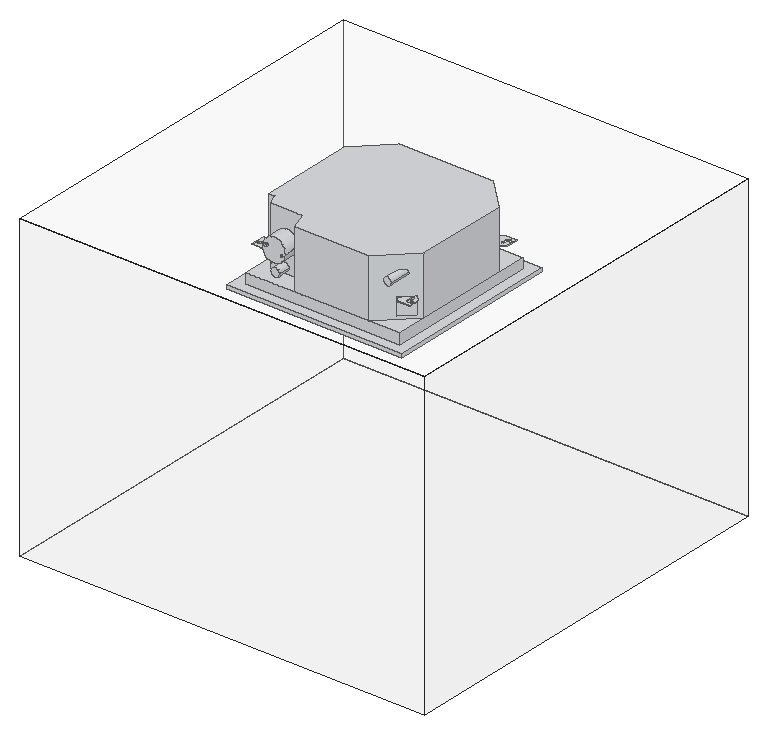
Revit family "pl-rp28_80ga5_60hz", category 機械設備, Revit 2019
Family settings
  丸型コネクタ寸法 = 直径を使用
  パーツ タイプ = 標準
  OmniClass 番号 = 23.75.10.24.21.27.27
  OmniClass タイトル = Split System Air Conditioning Units
  作業面ベース = いいえ
  常に垂直 = はい
  ロード時にボイドで切り取り = いいえ
  共有 = いいえ
  部屋計算ポイント = はい
Parameters (values of type "天井4方向_PL-RP28GA5")
  風量_静 (㎥/min) = 6.3
  風量_強 (㎥/min) = 8.7
  風量_弱 (㎥/min) = 7.1
  風量_中 (㎥/min) = 7.8
  風量 = MAX風量  # 522.0 m³/h
  音響パワーレベル(dB) = [音響パワーレベル_強 (dB)]  # 50
  音響パワーレベル_静 (dB) = 47
  音響パワーレベル_強 (dB) = 50
  音響パワーレベル_弱 (dB) = 48
  音響パワーレベル_中 (dB) = 49
  電源種別 = ""
  電源_H = 0 mm
  電圧 = 0 V
  電動機出力_送風機 = 0.05 kW
  運転質量 = 0.00 kg
  連動 = ""
  質量 = if(製品質量 > 運転質量, 製品質量, 運転質量) * 1.2  # 24.72 kg
  負荷分類 = 3_ファン類
  製品質量_本体 = 17.00 kg
  製品質量_パネル = 3.60 kg
  構成品番 = "PL-RP28GA5"
  ドレン管径 (外径) = 32 mm
  ドレン管径 = 25 mm
  サービススペース = yes
  【値が 0 の項目は組合せ形名にてご確認ください】 = ""
  URL = "https://www.mitsubishielectric.co.jp/ldg/wink/ssl/top.do\"\""
  説明 = "店舗・事務所用パッケージエアコン(Mr.SLIM) [本体]4方向天井カセット形<コンパクトタイプ>"
  設計暖房能力 = 0.00 kW
  設計冷房能力_顕熱 = 0 kW
  設計冷房能力 = 0 kW
  設置方法 = "カセット形"
  記号 = ""
  製造元 = "三菱電機株式会社"
  製品質量 = 製品質量_パネル + 製品質量_本体  # 20.60 kg
  製品出荷対象 = "国内"
  製品リリース年月 = ""
  製品グループ = ""
  系統 = ""
  符号 = "PAC-CK4"
  積算_科目 = "1 空気調和設備"
  積算_拾い区分 [instance] = ""
  相 = 1
  盤記号 = ""
  発停方法 = "付属スイッチ"
  特殊仕様 = ""
  火災停止 = ""
  消費電力_暖房 = 0.03 kW
  消費電力_冷房 = 0.03 kW
  消費電力 = if(消費電力_冷房 > 消費電力_暖房, 消費電力_冷房, 消費電力_暖房)  # 0.03 kW
  法定耐用年数 = "6"
  極数 = 1
  材質 = ""
  本体マテリアル = none
  有効加湿量 = 0
  暖房能力 = 2.80 kW
  推奨ブレーカー容量 = 0 A
  形式_加湿器 = ""
  形式 = "カセット形（4方向吹出形）"
  幹線記号 = ""
  始動方式 = "直入"
  呼称 = "パッケージ形空気調和機_室内機"
  周波数 = 60 Hz
  吊り位置Y = 507 mm
  吊り位置X = 640 mm
  吊りボルト_H = 134 mm
  台数_手元リモコン = ""
  台数_冷媒分岐ユニット = ""
  参照している仕様書等のバージョン = "公共建築工事標準仕様書（機械設備工事編）平成31年度版"
  加湿給水管径 = 0 mm
  分類コード = "5.0053E+13"
  分類グループ = ""
  冷房能力 = 2.5 kW
  冷媒高低圧ガス管径 = 0 mm
  冷媒管径符号 = "Ac"
  冷媒管径 = 100 mm
  冷媒液管高さ = 159 mm
  冷媒液管長さ = 71 mm
  冷媒液管径 = 6.4 mm
  冷媒ガス管高さ = 183 mm
  冷媒ガス管長さ = 76 mm
  冷媒ガス管径 = 12.7 mm
  企業コード = "108420"
  付属品_フィルター = ""
  付属品 = ""
  仕様書バージョン = "Version1.0"
  Model = ""
  パネルマテリアル = none
  ドレン管高さ = 227 mm
  コメント [instance] = ""
  ケーブル種類 = ""
  ケーブルサイズ = 0 mm
  Width = 670 mm
  Version = ""
  Uniclass2015Version = "Systems v1.9"
  Uniclass2015Title = "Split coil remote air cooled condensing units"
  Uniclass2015Code = "Pr_70_65_03_84"
  SpecificationReference = ""
  SpecificationDescription = ""
  Revision = ""
  ProductInformation = ""
  Panel Width = 760 mm
  Panel Height = 15 mm
  Panel Depth = 760 mm
  OmniClassCode = "23-33 17 13 11"
  MIN風量 = [風量_静 (㎥/min)] * 60.0 m³/h  # 378.0 m³/h
  MID風量2 = [風量_弱 (㎥/min)] * 60.0 m³/h  # 426.0 m³/h
  MID風量 = [風量_中 (㎥/min)] * 60.0 m³/h  # 468.0 m³/h
  MAX風量 = [風量_強 (㎥/min)] * 60.0 m³/h  # 522.0 m³/h
  IfcTypeProduct = ""
  IfcProduct = ""
  IfcExportType = "AIRCONDITIONINGUNIT"
  IfcExportAs = "IfcUnitaryEquipmentType"
  Height = 298 mm
  Depth = 670 mm
  価格 = 0
  Clearance Top = 305 mm
  Clearance Right = 500 mm
  Clearance Left = 500 mm
  Clearance Front = 500 mm
  Clearance Bottom = 1000 mm
  Clearance Back = 500 mm
  Author = "三菱電機株式会社"
Types (8, lengths in mm): name | 風量_静 (㎥/min) | 風量_強 (㎥/min) | 風量_弱 (㎥/min) | 風量_中 (㎥/min) | 風量 | 音響パワーレベル(dB) | 音響パワーレベル_静 (dB) | 音響パワーレベル_強 (dB) | 音響パワーレベル_弱 (dB) | 音響パワーレベル_中 (dB) | 構成品番 | URL | 消費電力_暖房 | 消費電力_冷房 | 消費電力 | 暖房能力 | 冷房能力 | 冷媒管径符号 | 冷媒液管長さ | 冷媒液管径 | 冷媒ガス管長さ | 冷媒ガス管径 | MIN風量 | MID風量2 | MID風量 | MAX風量
  天井4方向_PL-RP28GA5 | 6.3 | 8.7 | 7.1 | 7.8 | 522.0 m³/h | 50 | 47 | 50 | 48 | 49 | "PL-RP28GA5" | "https://www.mitsubishielectric.co.jp/ldg/wink/ssl/top.do\"\"" | 0.03 kW | 0.03 kW | 0.03 kW | 2.80 kW | 2.5 kW | "Ac" | 71 | 6.4 | 76 | 12.7 | 378.0 m³/h | 426.0 m³/h | 468.0 m³/h | 522.0 m³/h
  天井4方向_PL-RP40GA5 | 8.5 | 12 | 9 | 9.5 | 720.0 m³/h | 53 | 48 | 53 | 49 | 51 | "PL-RP40GA5" | "https://www.mitsubishielectric.co.jp/ldg/wink/ssl/top.do" | 0.03 kW | 0.03 kW | 0.03 kW | 4.00 kW | 3.6 kW | "Ac" | 71 | 6.4 | 76 | 12.7 | 510.0 m³/h | 540.0 m³/h | 570.0 m³/h | 720.0 m³/h
  天井4方向_PL-RP45GA5 | 8.5 | 12 | 9 | 9.5 | 720.0 m³/h | 53 | 48 | 53 | 49 | 51 | "PL-RP45GA5" | "https://www.mitsubishielectric.co.jp/ldg/wink/ssl/top.do" | 0.03 kW | 0.03 kW | 0.03 kW | 4.50 kW | 4 kW | "Ac" | 71 | 6.4 | 76 | 12.7 | 510.0 m³/h | 540.0 m³/h | 570.0 m³/h | 720.0 m³/h
  天井4方向_PL-RP50GA5 | 9.5 | 12.5 | 10 | 12 | 750.0 m³/h | 54 | 49 | 54 | 50 | 53 | "PL-RP50GA5" | "https://www.mitsubishielectric.co.jp/ldg/wink/ssl/top.do" | 0.03 kW | 0.03 kW | 0.03 kW | 5.00 kW | 4.5 kW | "Ac" | 71 | 6.4 | 76 | 12.7 | 570.0 m³/h | 600.0 m³/h | 720.0 m³/h | 750.0 m³/h
  天井4方向_PL-RP56GA5 | 9.5 | 14 | 10 | 12.5 | 840.0 m³/h | 56 | 49 | 56 | 50 | 54 | "PL-RP56GA5" | "https://www.mitsubishielectric.co.jp/ldg/wink/ssl/top.do" | 0.03 kW | 0.03 kW | 0.03 kW | 5.60 kW | 5 kW | "Ac" | 71 | 6.4 | 76 | 12.7 | 570.0 m³/h | 600.0 m³/h | 750.0 m³/h | 840.0 m³/h
  天井4方向_PL-RP63GA5 | 10 | 14.5 | 11.5 | 13 | 870.0 m³/h | 57 | 50 | 57 | 53 | 55 | "PL-RP63GA5" | "https://www.mitsubishielectric.co.jp/ldg/wink/ssl/top.do" | 0.04 kW | 0.04 kW | 0.04 kW | 6.30 kW | 5.6 kW | "Ac" | 71 | 6.4 | 76 | 12.7 | 600.0 m³/h | 690.0 m³/h | 780.0 m³/h | 870.0 m³/h
  天井4方向_PL-RP71GA5 | 11 | 15 | 12 | 13.5 | 900.0 m³/h | 58 | 53 | 58 | 54 | 56 | "PL-RP71GA5" | "https://www.mitsubishielectric.co.jp/ldg/wink/ssl/top.do" | 0.04 kW | 0.04 kW | 0.04 kW | 7.10 kW | 6.3 kW | "Bd" | 75 | 9.5 | 80 | 15.9 | 660.0 m³/h | 720.0 m³/h | 810.0 m³/h | 900.0 m³/h
  天井4方向_PL-RP80GA5 | 11 | 15 | 12 | 13.5 | 900.0 m³/h | 58 | 53 | 58 | 54 | 56 | "PL-RP80GA5" | "https://www.mitsubishielectric.co.jp/ldg/wink/ssl/top.do" | 0.04 kW | 0.04 kW | 0.04 kW | 8.00 kW | 7.1 kW | "Bd" | 75 | 9.5 | 80 | 15.9 | 660.0 m³/h | 720.0 m³/h | 810.0 m³/h | 900.0 m³/h
Reference planes
  plane 1 "中心(正面/背面)": y = 0
  plane 2: z = 0
  plane 3 "中心(左/右)": x = 0
  plane 4: x = -380
  plane 5: x = 380
  plane 6: y = 380
  plane 7: y = -380
  plane 8: z = 298
  plane 9: z = 305
  plane 10: x = -320
  plane 11: x = 320
  plane 12: y = 253.5
  plane 13: y = -253.5
  plane 14: z = 46
  plane 15: y = 335
  plane 16: y = -335
  plane 17: x = -335
  plane 18: x = 335
  plane 19: x = -880
  plane 20: x = 880
  plane 21: y = 880
  plane 22: y = -880
  plane 23: z = 298
  plane 24: z = -15
  plane 25: z = -1015
  plane 26: z = 305
  plane 27 "冷媒管基準面": y = -255
  plane 28: x = -186
  plane 29: z = 159
  plane 30: y = -331
  plane 31: y = -326
Forms (mm)
  Extrusion 1, solid, detail levels fine
    sketch origin (0, -255, 15) x (1, 0, 0) y (0, 0, 1)
      loop
        circle (-186, 144) r 3.175
    from 0 to 71
  Extrusion 2, solid, detail levels fine
    sketch origin (-67, -255, 39) x (1, 0, 0) y (0, 0, 1)
      loop
        circle (-186, 144) r 6.35
    from 0 to 76
Dimensions and locks
  equal spacing: plane 4, plane 3 "中心(左/右)", plane 5
  plane 4 to plane 5 = 760 mm
  equal spacing: plane 7, plane 1 "中心(正面/背面)", plane 6
  plane 7 to plane 6 = 760 mm
  locked: plane 12 to plane 6 at 126.5
  plane 7 to plane 13 = 126.5 mm
  plane 4 to plane 10 = 60 mm
  locked: plane 11 to plane 5 at 60
  "吊り位置X": plane 10 to plane 11
  equal spacing: plane 10, plane 3 "中心(左/右)", plane 11
  equal spacing: plane 13, plane 1 "中心(正面/背面)", plane 12
  "吊り位置Y": plane 13 to plane 12
  equal spacing: plane 16, plane 1 "中心(正面/背面)", plane 15
  "Depth": plane 16 to plane 15
  equal spacing: plane 17, plane 3 "中心(左/右)", plane 18
  "Width": plane 17 to plane 18
  locked: plane 14 to level at 46
  "Clearance Left": plane 19 to plane 4
  "Clearance Right": plane 5 to plane 20
  "Clearance Back": plane 6 to plane 21
  locked: level to plane 24 at 15
  "Clearance Bottom": plane 24 to plane 25
  "Clearance Front": plane 22 to plane 7
  "Clearance Top": plane 26 to plane 2
  "Height": level to nested 3
  plane 29 to plane 2 = 159 mm
  nested 3 to level = 134 mm
  "冷媒液管長さ": plane 31 to plane 27 "冷媒管基準面"
  "冷媒ガス管長さ": plane 30 to plane 27 "冷媒管基準面"
  aligned and locked: level to plane 2
  aligned and locked: plane 10 to nested 2
  aligned and locked: plane 11 to nested 2
  aligned and locked: nested 2 to plane 12
  aligned and locked: plane 13 to nested 2
  aligned and locked: plane 19 to nested 1
  aligned and locked: plane 20 to nested 1
  aligned and locked: plane 22 to nested 1
  aligned and locked: plane 21 to nested 1
  aligned and locked: plane 25 to nested 1
  aligned and locked: plane 5 to nested 3
  aligned and locked: plane 15 to nested 3
  aligned and locked: plane 6 to nested 3
  aligned and locked: plane 7 to nested 3
  aligned and locked: plane 26 to nested 1
  aligned and locked: plane 31 to Extrusion 1
  aligned and locked: plane 30 to Extrusion 2
Automatic sketch dimensions
  Extrusion 1 sketch curve to plane 28 = 0 mm
  Extrusion 1 sketch curve to plane 29 = 0 mm
  plane 29 to Extrusion 2 sketch curve = 24 mm
  plane 10 to Extrusion 2 sketch curve = 67 mm
  radius of Extrusion 1 sketch curve = 3.175 mm
  radius of Extrusion 2 sketch curve = 6.35 mm
Nested families
  nested 1: "サービススペース" at (0, 0, -355), visible <- "サービススペース", type "サービススペース"
    with Width 1760 mm, Height 1320 mm, Depth 1760 mm
  nested 2: "固定点" at (-320, -253.5, 0), type "固定点"
    with W 640 mm, D 507 mm
  nested 3: "PL-RP○○GA3" at (0, 0, 0), type "PL-RP○○GA3"
    with ユニット表示 yes
Connectors
  piping at (-219.5, -326, 171), diameter 100, driven by "冷媒管径", driven by "冷媒管径符号"
    settings: on nested 3, index 1, connector inside diameter 609.6 mm, connector length 0 mm, flow factor 0, pipe flow 0.0 L/s, pressure drop 0.0 Pa, fitting loss kfactor 0, connector angle 0.00°, fixture units 0, engagement length 0 mm, angle of deflection 0.00°, flow configuration 1, flow direction 1, fitting loss method 4, system type 7, joint type 0, gender type 0, connector reference index -1, connector utility 0, adjustable connector no, is connector primary yes, connector description "Ac"
  piping at (281, -332, 227), diameter 25, driven by "ドレン管径"
    settings: on nested 3, index 2, connector inside diameter 609.6 mm, connector length 0 mm, flow factor 0, pipe flow 0.0 L/s, pressure drop 0.0 Pa, fitting loss kfactor 0, connector angle 0.00°, fixture units 0, engagement length 0 mm, angle of deflection 0.00°, flow configuration 1, flow direction 2, fitting loss method 4, system type 16, joint type 0, gender type 0, connector reference index -1, connector utility 0, adjustable connector no, is connector primary no, connector description ""
  electrical at (-230, -305, 70), driven by "極数", driven by "負荷分類", driven by "電圧", driven by "消費電力"
    settings: on nested 3, index 3, voltage 0 V, apparent load 30 VA, apparent load phase1 0 VA, apparent load phase2 0 VA, apparent load phase3 0 VA, power factor 1, load classification "3_ファン類", number of poles 1, system type 30, power factor state 1, is connector primary yes, connector utility no, sub classification motor no, connector description ""
Definition of nested family "サービススペース"
  Parameters (values of type "サービススペース")
    Width [instance] = 500 mm
    Height [instance] = 500 mm
    Depth [instance] = 500 mm
  Reference planes
    plane 1 "中心(正面/背面)": y = 0
    plane 2: z = 0
    plane 3 "中心(左/右)": x = 0
    plane 4: y = -250
    plane 5: x = 250
    plane 6: y = 250
    plane 7: x = -250
    plane 8: z = 250
    plane 9: z = -250
  Forms (mm)
    Extrusion 1, solid
      sketch origin (-638.939, 0, 72.39) x (1, 0, 0) y (0, 1, 0)
        loop
          line (388.939, 250) -> (388.939, -250) -> (888.939, -250) -> (888.939, 250) -> (388.939, 250)
      from -322.39 to 177.61
  Lines and regions (mm)
    symbolic lines
      curve 1: line (-250, 0, 250) -> (250, 0, 250)
      curve 2: line (-250, 0, -250) -> (-250, 0, 250)
      curve 3: line (250, 0, -250) -> (-250, 0, -250)
      curve 4: line (250, 0, 250) -> (250, 0, -250)
      curve 5: line (0, -250, 250) -> (0, 250, 250)
      curve 6: line (0, -250, -250) -> (0, -250, 250)
      curve 7: line (0, 250, -250) -> (0, -250, -250)
      curve 8: line (0, 250, 250) -> (0, 250, -250)
      curve 9: line (-250, 250, 0) -> (250, 250, 0)
      curve 10: line (-250, -250, 0) -> (-250, 250, 0)
      curve 11: line (250, -250, 0) -> (-250, -250, 0)
      curve 12: line (250, 250, 0) -> (250, -250, 0)
  Dimensions and locks
    equal spacing: plane 7, plane 3 "中心(左/右)", plane 5
    equal spacing: plane 4, plane 1 "中心(正面/背面)", plane 6
    "Depth": plane 4 to plane 6
    "Width": plane 7 to plane 5
    equal spacing: plane 8, plane 2, plane 9
    "Height": plane 8 to plane 9
    aligned and locked: plane 9 to curve 3
    aligned and locked: plane 7 to curve 2
    aligned and locked: curve 4 to plane 5
    aligned and locked: plane 5 to Extrusion 1
    aligned and locked: Extrusion 1 to plane 7
    aligned and locked: Extrusion 1 to plane 9
    aligned and locked: plane 8 to Extrusion 1
    aligned and locked: plane 9 to curve 7
  Automatic sketch dimensions
    plane 4 to Extrusion 1 sketch curve = 0 mm
    Extrusion 1 sketch curve to plane 7 = 0 mm
    Extrusion 1 sketch curve to plane 5 = 0 mm
    plane 6 to Extrusion 1 sketch curve = 0 mm
    curve 2 to plane 8 = 0 mm
    plane 4 to curve 11 = 0 mm
    curve 11 to plane 7 = 0 mm
    curve 11 to plane 5 = 0 mm
    plane 6 to curve 10 = 0 mm
    curve 7 to plane 4 = 0 mm
    curve 7 to plane 6 = 0 mm
    curve 6 to plane 8 = 0 mm
Definition of nested family "PL-RP○○GA3"
  Parameters (values of type "PL-RP○○GA3")
    配線取出口サイズ = 36 mm
    配線取出口-Z = 70 mm
    配線取出口-Y = 50 mm
    配線取出口-X = 230 mm
    液配管サイズ = 6.4 mm
    A = 幅さ + 90 mm  # 760 mm
    高さ = 298 mm
    奥行き = 670 mm
    吊りボルト_H = 134 mm
    冷媒配管 = 100 mm
    冷媒液管径-Z = 159 mm
    冷媒液管径-Y = 71 mm
    冷媒液管径-X = 186 mm
    冷媒ガス管径-Z = 183 mm
    冷媒ガス管径-Y = 76 mm
    冷媒ガス管径-X = 253 mm
    ユニット表示 [instance] = yes
    ボルトピッチ = 507 mm
    ドレン配管サイズ = 32 mm
    ドレン管径-Z = 227 mm
    ドレン管径-Y = 77 mm
    ドレン管径-X = 281 mm
    ガス配管サイズ = 12.7 mm
    D = 幅さ - 30 mm  # 640 mm
    幅さ = 670 mm
    B = 幅さ + 40 mm  # 710 mm
  Reference planes
    plane 1 "中心(正面/背面)": y = 0
    plane 2: z = 0
    plane 3 "中心(左/右)": x = 0
    plane 4: x = -355
    plane 5: x = 355
    plane 6: x = -335
    plane 7: x = 335
    plane 8: x = -320
    plane 9: x = 320
    plane 10: y = 253.5
    plane 11: y = -253.5
    plane 12: y = 335
    plane 13: y = -335
    plane 14: x = -380
    plane 15: x = 380
    plane 16: z = -15
    plane 17: z = 46
    plane 18: z = 298
    plane 19: z = 134
    plane 20: z = 136
    plane 21: z = 227
    plane 22: z = 159
    plane 23: z = 183
    plane 24: z = 60
    plane 25: y = 380
    plane 26: y = -380
    plane 27: x = -253
    plane 28: x = -150
    plane 29: x = -123
    plane 30: x = -186
    plane 31: x = 281
    plane 32: x = 202
    plane 33: y = -255
    plane 34: y = -207
    plane 35: y = -331
    plane 36: y = -326
    plane 37 "ドレン管接続口": y = -332
    plane 38: y = -202
    plane 39: y = 291.5
    plane 40: y = 275.5
    plane 41: y = 263.5
    plane 42: x = -326
    plane 43: x = -314
    plane 44: x = -343
    plane 45: x = 314
    plane 46: x = 326
    plane 47: x = 343
    plane 48: y = -291.5
    plane 49: y = -275.5
    plane 50: y = -263.5
    plane 51: x = -230
    plane 52: y = 202
    plane 53: x = -202
    plane 54: z = 70
    plane 55: y = -305
  Forms (mm)
    Extrusion 1, solid, visible <- "ユニット表示"
      sketch origin (0, 0, 0) x (1, 0, 0) y (0, 1, 0)
        loop
          line (-380, 380) -> (-380, -380) -> (380, -380) -> (380, 380) -> (-380, 380)
      from -15 to 0
    Extrusion 2, solid, visible <- "ユニット表示", detail levels fine
      sketch origin (0, 0, 0) x (1, 0, 0) y (0, 1, 0)
        loop
          line (-203.39, 335) -> (-335, 203.39) -> (-335, -207) -> (-309.258, -207) -> (-288.883, -255) -> (-150, -255) -> (-123.033, -335) -> (202, -335) -> (335, -202) -> (335, 203.39) -> (203.39, 335) -> (-203.39, 335)
      from 46 to 298
    Extrusion 3, solid, visible <- "ユニット表示", detail levels fine
      sketch origin (0, 0, 0) x (1, 0, 0) y (0, 1, 0)
        loop
          line (335, 335) -> (-335, 335) -> (-335, -335) -> (335, -335) -> (335, 335)
      from 0 to 46
    Extrusion 4, solid, visible <- "ユニット表示", detail levels fine
      sketch origin (0, 0, 0) x (1, 0, 0) y (0, 0, 1)
        loop
          circle (-219.5, 171) r 50
      from 255 to 326
    Extrusion 5, solid, visible <- "ユニット表示", detail levels fine
      sketch origin (0, 0, 0) x (1, 0, 0) y (0, 1, 0)
        loop
          line (-343, -291.5) -> (-300.314, -291.5) -> (-290.686, -250.751) -> (-306.998, -212.324) -> (-343, -227.606) -> (-343, -263.5) -> (-329, -263.5)
          arc (-329, -263.5) -> (-326.879, -262.621) -> (-326, -260.5) r 3
          line (-326, -260.5) -> (-326, -249.5)
          arc (-326, -249.5) -> (-320, -243.5) -> (-314, -249.5) r 6
          line (-314, -249.5) -> (-314, -269.478)
          arc (-314, -269.478) -> (-315.757, -273.721) -> (-320, -275.5) r 6
          line (-320, -275.5) -> (-343, -275.5) -> (-343, -291.5)
        loop
          line (-343, 275.5) -> (-320, 275.5)
          arc (-320, 275.5) -> (-315.757, 273.743) -> (-314, 269.5) r 6
          line (-314, 269.5) -> (-314, 249.5)
          arc (-314, 249.5) -> (-320, 243.5) -> (-326, 249.5) r 6
          line (-326, 249.5) -> (-326, 260.5)
          arc (-326, 260.5) -> (-326.879, 262.621) -> (-329, 263.5) r 3
          line (-329, 263.5) -> (-343, 263.5) -> (-343, 244.959) -> (-318.215, 220.175) -> (-270.214, 268.176) -> (-293.539, 291.5) -> (-343, 291.5) -> (-343, 275.5)
        loop
          line (343, 291.5) -> (293.539, 291.5) -> (270.214, 268.176) -> (318.215, 220.175) -> (343, 244.959) -> (343, 263.5) -> (329, 263.5)
          arc (329, 263.5) -> (326.879, 262.621) -> (326, 260.5) r 3
          line (326, 260.5) -> (326, 249.5)
          arc (326, 249.5) -> (320, 243.5) -> (314, 249.5) r 6
          line (314, 249.5) -> (314, 269.5)
          arc (314, 269.5) -> (315.757, 273.743) -> (320, 275.5) r 6
          line (320, 275.5) -> (343, 275.5) -> (343, 291.5)
        loop
          line (293.539, -291.5) -> (343, -291.5) -> (343, -275.5) -> (320, -275.5)
          arc (320, -275.5) -> (315.757, -273.743) -> (314, -269.5) r 6
          line (314, -269.5) -> (314, -249.5)
          arc (314, -249.5) -> (320, -243.5) -> (326, -249.5) r 6
          line (326, -249.5) -> (326, -260.5)
          arc (326, -260.5) -> (326.879, -262.621) -> (329, -263.5) r 3
          line (329, -263.5) -> (343, -263.5) -> (343, -244.959) -> (317.52, -219.48) -> (269.519, -267.481) -> (293.539, -291.5)
      from 134 to 136
    Extrusion 6, solid, visible <- "ユニット表示", detail levels fine
      sketch origin (0, 0, 0) x (1, 0, 0) y (0, 1, 0)
        loop
          line (-306.998, -212.324) -> (-308.839, -213.105) -> (-291.463, -254.04) -> (-289.622, -253.258) -> (-306.998, -212.324)
        loop
          line (-271.629, 269.59) -> (-319.63, 221.589) -> (-318.245, 220.204) -> (-270.244, 268.205) -> (-271.629, 269.59)
        loop
          line (271.629, 269.59) -> (270.244, 268.205) -> (318.245, 220.204) -> (319.63, 221.589) -> (271.629, 269.59)
        loop
          line (270.934, -268.895) -> (318.935, -220.894) -> (317.52, -219.48) -> (269.519, -267.481) -> (270.934, -268.895)
      from 60 to 136
    Extrusion 7, solid, visible <- "ユニット表示", detail levels fine
      sketch origin (0, 0, 0) x (1, 0, 0) y (0, 0, 1)
        loop
          circle (-230, 70) r 18
      from 255 to 305
    Extrusion 8, solid, detail levels fine
      sketch origin (0, -332, 0) x (-1, 0, 0) y (0, 0, 1)
        loop
          circle (-281, 227) r 16
      from 0 to 100
  Cuts and joins
    joined: Extrusion 5, Extrusion 6
  Dimensions and locks
    equal spacing: plane 4, plane 3 "中心(左/右)", plane 5
    "B": plane 4 to plane 5
    equal spacing: plane 6, plane 3 "中心(左/右)", plane 7
    "幅さ": plane 6 to plane 7
    equal spacing: plane 8, plane 3 "中心(左/右)", plane 9
    "D": plane 8 to plane 9
    equal spacing: plane 11, plane 1 "中心(正面/背面)", plane 10
    "ボルトピッチ": plane 10 to plane 11
    equal spacing: plane 12, plane 1 "中心(正面/背面)", plane 13
    "奥行き": plane 12 to plane 13
    "A": plane 14 to plane 15
    equal spacing: plane 14, plane 3 "中心(左/右)", plane 15
    locked: plane 2 to plane 16 at 15
    locked: plane 17 to plane 2 at 46
    "吊りボルト_H": plane 19 to level
    locked: plane 20 to plane 19 at 2
    "ドレン管径-Z": plane 21 to level
    "冷媒液管径-Z": plane 22 to level
    "冷媒ガス管径-Z": plane 23 to level
    plane 24 to level = 60 mm
    equal spacing: plane 25, plane 1 "中心(正面/背面)", plane 26
    "A": plane 25 to plane 26
    locked: plane 6 to plane 28 at 185
    locked: plane 6 to plane 29 at 212
    locked: plane 32 to plane 7 at 133
    "冷媒ガス管径-X": plane 27 to plane 3 "中心(左/右)"
    "冷媒液管径-X": plane 30 to plane 3 "中心(左/右)"
    "ドレン管径-X": plane 3 "中心(左/右)" to plane 31
    locked: plane 33 to plane 13 at 80
    locked: plane 34 to plane 13 at 128
    "冷媒ガス管径-Y": plane 33 to plane 35
    "冷媒液管径-Y": plane 33 to plane 36
    "ドレン管径-Y": plane 33 to plane 37 "ドレン管接続口"
    locked: plane 38 to plane 13 at 133
    equal spacing: plane 30, Extrusion 4 sketch curve, plane 27
    equal spacing: plane 23, Extrusion 4 sketch curve, plane 22
    locked: plane 44 to plane 8 at 23
    plane 42 to plane 8 to plane 43 = 6 mm locked, 6 mm locked
    locked: plane 9 to plane 47 at 23
    plane 45 to plane 9 to plane 46 = 6 mm locked, 6 mm locked
    plane 11 to plane 50 to plane 49 to plane 48 = 10 mm locked, 12 mm locked, 16 mm locked
    plane 39 to plane 40 to plane 41 to plane 10 = 16 mm locked, 12 mm locked, 10 mm locked
    locked: Extrusion 5 sketch curve to plane 11 at 4  (x2)
    locked: plane 10 to Extrusion 5 sketch curve at 4  (x2)
    "配線取出口-X": plane 51 to plane 3 "中心(左/右)"
    "配線取出口-Z": plane 54 to level
    "配線取出口-Y": plane 33 to plane 55
    locked: cut or joined group of Extrusion 5, Extrusion 6 to Extrusion 6 sketch curve at 2
    locked: Extrusion 6 sketch curve to Extrusion 2 at 2  (x3)
    "高さ": plane 18 to level
    "冷媒配管": diameter of Extrusion 4 sketch curve
    radius of Extrusion 5 sketch curve = 6 mm  (x8)
    radius of Extrusion 5 sketch curve = 3 mm  (x4)
    "配線取出口サイズ": diameter of Extrusion 7 sketch curve
    aligned and locked: level to plane 2
    aligned and locked: Extrusion 1 sketch curve to plane 25
    aligned and locked: plane 14 to Extrusion 1 sketch curve
    aligned and locked: plane 26 to Extrusion 1 sketch curve
    aligned and locked: Extrusion 1 sketch curve to plane 15
    aligned and locked: level to Extrusion 1
    aligned and locked: Extrusion 1 to plane 16
    aligned and locked: plane 18 to Extrusion 2
    aligned and locked: Extrusion 2 to plane 17
    aligned and locked: Extrusion 3 sketch curve to plane 7
    aligned and locked: Extrusion 3 sketch curve to plane 13
    aligned and locked: Extrusion 3 sketch curve to plane 6
    aligned and locked: Extrusion 3 sketch curve to plane 12
    aligned and locked: Extrusion 3 to level
    aligned and locked: plane 17 to Extrusion 3
    aligned and locked: plane 28 to Extrusion 2 sketch curve
    aligned and locked: plane 34 to Extrusion 2 sketch curve
    aligned and locked: Extrusion 2 sketch curve to plane 13
    aligned and locked: Extrusion 2 sketch curve to plane 7
    aligned and locked: Extrusion 2 sketch curve to plane 12
    aligned and locked: Extrusion 2 sketch curve to plane 6
    aligned and locked: plane 7 to Extrusion 2 sketch curve
    aligned and locked: plane 38 to Extrusion 2 sketch curve
    aligned and locked: plane 32 to Extrusion 2 sketch curve
    aligned and locked: plane 13 to Extrusion 2 sketch curve
    aligned and locked: plane 44 to Extrusion 5 sketch curve  (x2)
    aligned and locked: Extrusion 5 sketch curve to plane 50
    aligned and locked: plane 49 to Extrusion 5 sketch curve
    aligned and locked: Extrusion 5 sketch curve to plane 48
    aligned and locked: plane 43 to Extrusion 5 sketch curve
    aligned and locked: plane 42 to Extrusion 5 sketch curve  (x2)
    aligned and locked: Extrusion 6 to plane 24
    aligned and locked: plane 20 to Extrusion 6
    aligned and locked: plane 39 to Extrusion 5 sketch curve  (x2)
    aligned and locked: Extrusion 5 sketch curve to plane 44  (x2)
    aligned and locked: plane 41 to Extrusion 5 sketch curve  (x2)
    aligned and locked: Extrusion 5 sketch curve to plane 40  (x2)
    aligned and locked: Extrusion 5 sketch curve to plane 43
    aligned and locked: Extrusion 5 sketch curve to Extrusion 2  (x3)
    aligned and locked: plane 47 to Extrusion 5 sketch curve  (x4)
    aligned and locked: plane 45 to Extrusion 5 sketch curve  (x2)
    aligned and locked: Extrusion 5 sketch curve to plane 46  (x2)
    aligned and locked: plane 50 to Extrusion 5 sketch curve
    aligned and locked: plane 48 to Extrusion 5 sketch curve
    aligned and locked: Extrusion 5 sketch curve to plane 49
    aligned and locked: plane 51 to Extrusion 7 sketch curve
    aligned and locked: plane 54 to Extrusion 7 sketch curve
    aligned and locked: Extrusion 7 to Extrusion 2
    aligned and locked: plane 55 to Extrusion 7
    aligned and locked: cut or joined group of Extrusion 5, Extrusion 6 to cut or joined group of Extrusion 5, Extrusion 6  (x2)
    aligned and locked: Extrusion 6 sketch curve to cut or joined group of Extrusion 5, Extrusion 6  (x3)
    aligned and locked: cut or joined group of Extrusion 5, Extrusion 6 to Extrusion 6 sketch curve  (x2)
    aligned and locked: Extrusion 2 to Extrusion 6 sketch curve
    aligned and locked: cut or joined group of Extrusion 5, Extrusion 6 to plane 19
    aligned and locked: plane 20 to cut or joined group of Extrusion 5, Extrusion 6
    aligned and locked: Extrusion 4 to plane 36
  Automatic sketch dimensions
    Extrusion 2 sketch curve to plane 33 = 0 mm
    plane 43 to Extrusion 2 sketch curve = 4.742 mm
    plane 43 to Extrusion 2 sketch curve = 25.117 mm
    Extrusion 2 sketch curve to plane 30 = 17.39 mm
    Extrusion 2 sketch curve to plane 29 = 0.033 mm
    plane 32 to Extrusion 2 sketch curve = 1.39 mm
    Extrusion 2 sketch curve to plane 10 = 50.11 mm  (x2)
    Extrusion 5 sketch curve to plane 8 = 0 mm
    Extrusion 5 sketch curve to plane 8 = 13.002 mm
    Extrusion 5 sketch curve to plane 43 = 13.686 mm
    plane 50 to Extrusion 5 sketch curve = 12.749 mm
    Extrusion 5 sketch curve to Extrusion 5 sketch curve = 9.627 mm
    Extrusion 5 sketch curve to plane 50 = 5.978 mm
    plane 34 to Extrusion 5 sketch curve = 20.606 mm
    plane 8 to Extrusion 6 sketch curve = 1.755 mm
    Extrusion 6 sketch curve to plane 11 = 0.54 mm
    Extrusion 6 sketch curve to Extrusion 6 sketch curve = 1.385 mm
    Extrusion 6 sketch curve to plane 49 = 6.605 mm
    Extrusion 6 sketch curve to plane 9 = 2.48 mm
    Extrusion 6 sketch curve to Extrusion 6 sketch curve = 1.414 mm
    Extrusion 5 sketch curve to plane 8 = 1.785 mm
    Extrusion 5 sketch curve to plane 41 = 4.676 mm  (x2)
    plane 9 to Extrusion 5 sketch curve = 1.785 mm
    Extrusion 5 sketch curve to plane 50 = 3.981 mm
    plane 9 to Extrusion 5 sketch curve = 2.48 mm
    Extrusion 8 sketch curve to plane 21 = 0 mm
    Extrusion 8 sketch curve to plane 31 = 0 mm
    radius of Extrusion 8 sketch curve = 16 mm
Definition of nested family "固定点"
  Parameters (values of type "固定点")
    中心円 = 20 mm
    W [instance] = 1000 mm
    D [instance] = 1000 mm
  Reference planes
    plane 1 "中心(正面/背面)": y = 0
    plane 2: z = 0
    plane 3 "中心(左/右)": x = 0
    plane 4: x = 1000
    plane 5: y = 1000
  Lines and regions (mm)
    symbolic lines, detail levels fine
      curve 1: circle (0, 1000, 0) r 10 normal (0, 0, 1)
      curve 2: circle (0, 0, 0) r 10 normal (0, 0, 1)
      curve 3: circle (1000, 1000, 0) r 10 normal (0, 0, 1)
      curve 4: circle (1000, 0, 0) r 10 normal (0, 0, 1)
      curve 5: line (-200, 1000, 0) -> (1200, 1000, 0)
      curve 6: line (-200, 0, 0) -> (1200, 0, 0)
      curve 7: line (0, 1200, 0) -> (0, -200, 0)
      curve 8: line (1000, 1200, 0) -> (1000, -200, 0)
  Dimensions and locks
    "W": plane 3 "中心(左/右)" to plane 4
    "D": plane 1 "中心(正面/背面)" to plane 5
    "中心円": diameter of curve 1
    "中心円": diameter of curve 2
    "中心円": diameter of curve 3
    "中心円": diameter of curve 4
    aligned and locked: level to plane 2
    aligned and locked: plane 5 to curve 1
    aligned and locked: plane 3 "中心(左/右)" to curve 1
    aligned and locked: plane 3 "中心(左/右)" to curve 2
    aligned and locked: plane 1 "中心(正面/背面)" to curve 2
    aligned and locked: plane 4 to curve 3
    aligned and locked: plane 5 to curve 3
    aligned and locked: plane 1 "中心(正面/背面)" to curve 4
    aligned and locked: plane 4 to curve 4
    aligned and locked: plane 1 "中心(正面/背面)" to curve 6
    aligned and locked: curve 7 to plane 3 "中心(左/右)"
    aligned and locked: curve 8 to plane 4
  Automatic sketch dimensions
    curve 5 to plane 5 = 0 mm
    curve 6 to plane 3 "中心(左/右)" = 200 mm
    curve 5 to plane 3 "中心(左/右)" = 200 mm
    curve 4 to curve 6 = 200 mm
    curve 3 to curve 5 = 200 mm
    plane 1 "中心(正面/背面)" to curve 8 = 200 mm
    plane 1 "中心(正面/背面)" to curve 7 = 200 mm
    curve 3 to curve 8 = 200 mm
    curve 1 to curve 7 = 200 mm
